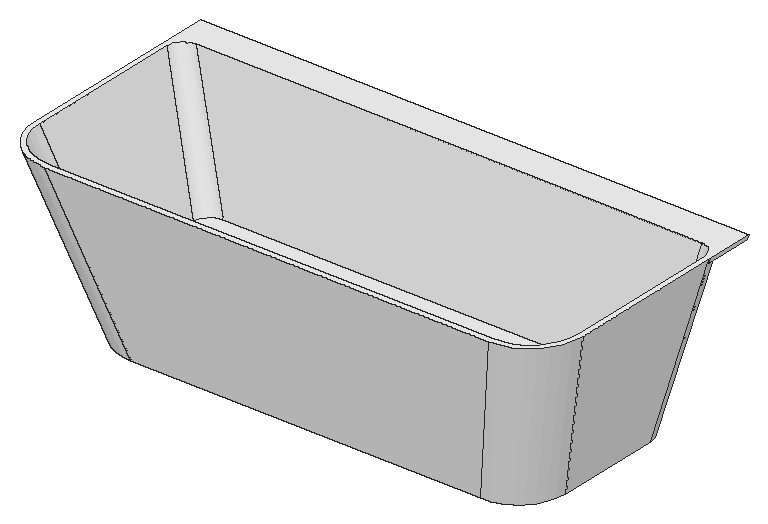
Revit family "PlumFix_Bath_ABEY_Patinato_Grande ClearStone_1690mm_Face Based", category Plumbing Fixtures, host Face, Revit 2016
Family settings
  Host = Face
  Part Type = Normal
  Round Connector Dimension = Use Diameter
  OmniClass Number = 23.45.05.14.21
  OmniClass Title = Bathtubs
  Cut with Voids When Loaded = Yes
  Shared = No
  Room Calculation Point = No
Parameters (values of type "1690w x 800d x 550h")
  Waste Connection = yes
  Vent Connection = no
  URL = "https://www.abey.com.au/"
  Type Comments = "1690w"
  ModifiedIssue_ANZRS = 20190823
  Model = "22829"
  Manufacturer_URL__Product Specific = "https://www.abey.com.au/product/bathroom/patinato-grande-1690-clearstone-bath/"
  Manufacturer_Spec Code = Model  # "22829"
  Manufacturer_Overall Width = 1690 mm  # constant formula
  Manufacturer_Overall Height = 550 mm  # constant formula
  Manufacturer_Overall Depth = 800 mm  # constant formula
  Manufacturer = "Abey Australia"  # constant formula
  Keynote = ""
  HW Connection = no
  Description = "Patinato - Grande 1690mm ClearStone Bath - White Stone"
  Default Elevation = 0 mm
  CreatedBy_ANZRS = "IGS BIM Solutions"  # constant formula
  CreatedByURL_ANZRS = "https://igsgroup.com.au"
  CW Connection = no
  BodyMaterial = z_Abey_White Stone
  Assembly Code = "0.00"
Reference planes
  plane 1 "Center (Front/Back)": y = -40
  plane 2 "Bottom": z = 0
  plane 3 "Center (Left/Right)": x = 40.57
  plane 4 "Front": y = -440
  plane 5 "Left": x = -804.43
  plane 6 "Right": x = 885.57
  plane 7 "Top": z = 550
  plane 8 "Bottom1": z = -64
  plane 9 "Back": y = 360
  plane 10 "Center (Elevation)": z = 275
Text (mm)
  text "Disclaimer:\n\nDue to ongoing product development and manufacturing evolution, product details are subject to change without notice.\n\nPlease refer to product technical data sheets on the manufacturer's website for the most current product information. Please allow a +/- 5mm manufacturing tolerance for dimensions and set-outs shown in product literature." at (1088.866, 252.072, 0), in view "Ref. Level_Instruction"
Dimensions and locks
  "Manufacturer_Overall Height": plane 7 "Top" to plane 2 "Bottom"
  equal spacing: plane 5 "Left", plane 3 "Center (Left/Right)", plane 6 "Right"
  "Manufacturer_Overall Width": plane 5 "Left" to plane 6 "Right"
  locked: plane 2 "Bottom" to plane 8 "Bottom1" at 64
  equal spacing: plane 4 "Front", plane 1 "Center (Front/Back)", plane 9 "Back"
  "Manufacturer_Overall Depth": plane 4 "Front" to plane 9 "Back"
  equal spacing: plane 7 "Top", plane 10 "Center (Elevation)", plane 2 "Bottom"
  aligned and locked: plane 2 "Bottom" to host face
  aligned and locked: level to host face
  aligned and locked: nested 1 to plane 1 "Center (Front/Back)"
  aligned and locked: plane 3 "Center (Left/Right)" to nested 1
Automatic sketch dimensions
  host sketch curve to host sketch curve = 1690 mm
  host sketch curve to host sketch curve = 800 mm
Nested families
  nested 1: "z_PlumFix_Bath_ABEY_Patinato_Grande ClearStone_1690mm" at (-57.451, 425.75, 0), type "22829"
Connectors
  piping at (40.57, -40, 40.092), diameter 50
    settings: on nested 1, index 1, connector inside diameter 24", connector length 0 mm, flow factor 0, pipe flow 0.00 L/s, pressure drop 0 kPa, fitting loss kfactor 0, connector angle 0.00°, fixture units 0, engagement length 0 mm, angle of deflection 0.00°, flow configuration 2, flow direction 2, fitting loss method 4, system type 16, joint type 0, gender type 0, connector reference index -1, connector utility 0, adjustable connector no, is connector primary yes, connector description "Waste Drain"
Definition of nested family "z_PlumFix_Bath_ABEY_Patinato_Grande ClearStone_1690mm"
  Parameters (values of type "Type 1")
    Waste Connection = yes
    WFU = 0
    Vent Connection = no
    URL = ""
    Type Comments = ""
    ModifiedIssue_ANZRS = 0
    Model = ""
    Manufacturer_URL__Product Specific = ""
    Manufacturer_Spec Code = ""
    Manufacturer_Overall Width = 1690 mm  # constant formula
    Manufacturer_Overall Height = 550 mm  # constant formula
    Manufacturer_Overall Depth = 800 mm  # constant formula
    Manufacturer = ""
    Keynote = ""
    HWFU = 0
    HW Connection = no
    Description = ""
    Default Elevation = 0 mm
    CreatedBy_ANZRS = ""
    CreatedByURL_ANZRS = ""
    Cost = 0
    CWFU = 0
    CW Connection = no
    BodyMaterial = none
    Assembly Code = ""
  Reference planes
    plane 1 "Ref. Level": z = 0
    plane 2 "Center (Left/Right)": x = 98.02
    plane 3 "Back": y = -65.75
    plane 4 "Left": x = -746.98
    plane 5 "Front": y = -865.75
    plane 6 "Right": x = 943.02
    plane 7 "Top": z = 550
    plane 8 "Center (Elevation)": z = 275
    plane 9 "Bottom": z = 0
    plane 10 "Center (Front/Back)": y = -465.75
  Forms (mm)
    Blend 1, solid, material <- "BodyMaterial"
      base sketch origin (0, 0, 550) x (-1, 0, 0) y (0, -1, 0)
        loop
          arc (681.98, 150.75) -> (727.942, 169.788) -> (746.98, 215.75) r 65
          line (746.98, 215.75) -> (746.98, 705.75)
          arc (746.98, 705.75) -> (700.117, 818.887) -> (586.98, 865.75) r 160
          line (586.98, 865.75) -> (-783.02, 865.75)
          arc (-783.02, 865.75) -> (-896.157, 818.887) -> (-943.02, 705.75) r 160
          line (-943.02, 705.75) -> (-943.02, 215.75)
          arc (-943.02, 215.75) -> (-923.982, 169.788) -> (-878.02, 150.75) r 65
          line (-878.02, 150.75) -> (681.98, 150.75)
      top sketch origin (0, 0, 550) x (-1, 0, 0) y (0, -1, 0)
        loop
          arc (536.98, 191.75) -> (572.335, 206.395) -> (586.98, 241.75) r 50
          line (586.98, 241.75) -> (586.98, 570.75)
          arc (586.98, 570.75) -> (544.51, 673.28) -> (441.98, 715.75) r 145
          line (441.98, 715.75) -> (-638.02, 715.75)
          arc (-638.02, 715.75) -> (-740.551, 673.28) -> (-783.02, 570.75) r 145
          line (-783.02, 570.75) -> (-783.02, 241.75)
          arc (-783.02, 241.75) -> (-768.375, 206.395) -> (-733.02, 191.75) r 50
          line (-733.02, 191.75) -> (536.98, 191.75)
      from 0 to -550
    Blend 2, void
      base sketch origin (0, 0, 550) x (-1, 0, 0) y (0, -1, 0)
        loop
          line (-878.02, 165.75) -> (681.98, 165.75)
          arc (681.98, 165.75) -> (717.335, 180.395) -> (731.98, 215.75) r 50
          line (731.98, 215.75) -> (731.98, 705.75)
          arc (731.98, 705.75) -> (689.51, 808.28) -> (586.98, 850.75) r 145
          line (586.98, 850.75) -> (-783.02, 850.75)
          arc (-783.02, 850.75) -> (-885.551, 808.28) -> (-928.02, 705.75) r 145
          line (-928.02, 705.75) -> (-928.02, 215.75)
          arc (-928.02, 215.75) -> (-913.375, 180.395) -> (-878.02, 165.75) r 50
      top sketch origin (0, 0, 550) x (-1, 0, 0) y (0, -1, 0)
        loop
          arc (569.553, 200.75) -> (606.271, 215.959) -> (621.48, 252.677) r 51.927
          line (621.48, 252.677) -> (621.48, 589.162)
          arc (621.48, 589.162) -> (577.374, 695.644) -> (470.892, 739.75) r 150.588
          line (470.892, 739.75) -> (-666.932, 739.75)
          arc (-666.932, 739.75) -> (-773.414, 695.644) -> (-817.52, 589.162) r 150.588
          line (-817.52, 589.162) -> (-817.52, 252.677)
          arc (-817.52, 252.677) -> (-802.311, 215.959) -> (-765.593, 200.75) r 51.927
          line (-765.593, 200.75) -> (569.553, 200.75)
      from 0 to -430
    Extrusion 3, solid, material <- "BodyMaterial"
      sketch origin (0, 0, 550) x (-1, 0, 0) y (0, -1, 0)
        loop
          line (681.98, 165.75) -> (-878.02, 165.75)
          arc (-878.02, 165.75) -> (-913.375, 180.395) -> (-928.02, 215.75) r 50
          line (-928.02, 215.75) -> (-943.02, 215.75) -> (-943.02, 65.75) -> (746.98, 65.75) -> (746.98, 215.75) -> (731.98, 215.75)
          arc (731.98, 215.75) -> (717.335, 180.395) -> (681.98, 165.75) r 50
      from 0 to -15
    Extrusion 4, void
      sketch origin (0, -865.75, 0) x (-1, 0, 0) y (0, 0, -1)
        loop
          line (-943.02, -550) -> (-938.652, -535) -> (-945.568, -535) -> (-945.568, -550) -> (-943.02, -550)
      from -625.626 to -820.849
    Extrusion 5, void
      sketch origin (196.04, -865.75, 0) x (1, 0, 0) y (0, 0, 1)
        loop
          line (-943.02, 550) -> (-945.568, 550) -> (-945.568, 535) -> (-938.652, 535) -> (-943.02, 550)
      from -625.626 to -820.849
    Blend 6, void
      base sketch origin (0, 0, 550) x (-1, 0, 0) y (0, -1, 0)
        loop
          arc (551.98, 200.75) -> (587.335, 215.395) -> (601.98, 250.75) r 50
          line (601.98, 250.75) -> (601.98, 579.75)
          arc (601.98, 579.75) -> (559.51, 682.28) -> (456.98, 724.75) r 145
          line (456.98, 724.75) -> (-651.02, 724.75)
          arc (-651.02, 724.75) -> (-754.965, 681.695) -> (-798.02, 577.75) r 147
          line (-798.02, 577.75) -> (-798.02, 252.75)
          arc (-798.02, 252.75) -> (-782.79, 215.98) -> (-746.02, 200.75) r 52
          line (-746.02, 200.75) -> (551.98, 200.75)
      top sketch origin (0, 0, 550) x (-1, 0, 0) y (0, -1, 0)
        loop
          arc (522.217, 206.75) -> (555.637, 220.593) -> (569.48, 254.013) r 47.263
          line (569.48, 254.013) -> (569.48, 565.002)
          arc (569.48, 565.002) -> (529.335, 661.919) -> (432.418, 702.064) r 137.062
          line (432.418, 702.064) -> (-628.458, 702.064)
          arc (-628.458, 702.064) -> (-725.375, 661.919) -> (-765.52, 565.002) r 137.062
          line (-765.52, 565.002) -> (-765.52, 254.013)
          arc (-765.52, 254.013) -> (-751.677, 220.593) -> (-718.257, 206.75) r 47.263
          line (-718.257, 206.75) -> (522.217, 206.75)
      from -450 to -550
    Revolve 7, void
      sketch origin (-25.068, -465.75, 4000) x (-1, 0, 0) y (0, 0, 1)
        loop
          line (-123.088, -4000) -> (-123.088, -3863.436) -> (-177.966, -3863.436) -> (-167.895, -3894.579)
          arc (-167.895, -3894.579) -> (-167.562, -3894.913) -> (-167.106, -3895.035) r 0.912
          line (-167.106, -3895.035) -> (-148.677, -3895.035)
          arc (-148.677, -3895.035) -> (-148.261, -3895.207) -> (-148.088, -3895.624) r 0.589
          line (-148.088, -3895.624) -> (-148.088, -4000) -> (-123.088, -4000)
        axis (-123.088, -4000) -> (-123.088, -3863.436)
      angle from 0 to 360
    Revolve 8, solid, material <- "BodyMaterial"
      sketch origin (-25.068, -465.75, 4000) x (-1, 0, 0) y (0, 0, 1)
        loop
          line (-148.088, -3900) -> (-166.142, -3900) -> (-163.879, -3907) -> (-148.088, -3907) -> (-148.088, -3900)
        axis (-123.088, -3900) -> (-123.088, -3907)
      angle from 0 to 360
  Cuts and joins
    Blend 2, Blend 6, Revolve 7 cuts Blend 1
    Extrusion 4, Extrusion 5, Blend 6, Revolve 7 cuts Extrusion 3
    joined: Blend 1, Extrusion 3, Revolve 8
  Lines and regions (mm)
    Masking region 1
      outline origin (0, -865.75, 0) x (-1, 0, 0) y (0, 0, 1)
        loop
          line (746.98, 550) -> (-943.02, 550) -> (-783.02, 0) -> (586.98, 0) -> (746.98, 550)
    Masking region 2
      outline origin (943.02, 0, 0) x (0, 1, 0) y (0, 0, 1)
        loop
          line (-865.75, 550) -> (-715.75, 0) -> (-191.75, 0) -> (-151.868, 535) -> (-65.75, 535) -> (-65.75, 550) -> (-865.75, 550)
    Masking region 3
      outline origin (0, 0, 550) x (-1, 0, 0) y (0, -1, 0)
        loop
          line (-943.02, 65.75) -> (746.98, 65.75) -> (746.98, 705.75)
          arc (746.98, 705.75) -> (700.117, 818.887) -> (586.98, 865.75) r 160
          line (586.98, 865.75) -> (-783.02, 865.75)
          arc (-783.02, 865.75) -> (-896.157, 818.887) -> (-943.02, 705.75) r 160
          line (-943.02, 705.75) -> (-943.02, 65.75)
    symbolic lines, detail levels medium+fine
      curve 1: line (-681.98, -165.75, 550) -> (878.02, -165.75, 550)
      curve 2: arc (-731.98, -215.75, 550) -> (-717.335, -180.395, 550) -> (-681.98, -165.75, 550) r 50
      curve 3: line (-731.98, -705.75, 550) -> (-731.98, -215.75, 550)
      curve 4: arc (-586.98, -850.75, 550) -> (-689.51, -808.28, 550) -> (-731.98, -705.75, 550) r 145
      curve 5: line (783.02, -850.75, 550) -> (-586.98, -850.75, 550)
      curve 6: arc (928.02, -705.75, 550) -> (885.551, -808.28, 550) -> (783.02, -850.75, 550) r 145
      curve 7: line (928.02, -215.75, 550) -> (928.02, -705.75, 550)
      curve 16: circle (98.02, -465.75, 550) r 45 normal (0, 0, -1)
      curve 17: arc (878.02, -165.75, 550) -> (913.375, -180.395, 550) -> (928.02, -215.75, 550) r 50
    symbolic lines, detail levels fine
      curve 8: line (765.593, -200.75, 550) -> (-569.553, -200.75, 550)
      curve 9: arc (-569.553, -200.75, 550) -> (-606.271, -215.959, 550) -> (-621.48, -252.677, 550) r 51.927
      curve 10: line (-621.48, -252.677, 550) -> (-621.48, -589.162, 550)
      curve 11: arc (-621.48, -589.162, 550) -> (-577.374, -695.644, 550) -> (-470.892, -739.75, 550) r 150.588
      curve 12: line (-470.892, -739.75, 550) -> (666.932, -739.75, 550)
      curve 13: arc (666.932, -739.75, 550) -> (773.414, -695.644, 550) -> (817.52, -589.162, 550) r 150.588
      curve 14: line (817.52, -589.162, 550) -> (817.52, -252.677, 550)
      curve 15: arc (817.52, -252.677, 550) -> (802.311, -215.959, 550) -> (765.593, -200.75, 550) r 51.927
      curve 18: circle (98.02, -465.75, 550) r 49.521 normal (0, 0, 1)
  Dimensions and locks
    "Manufacturer_Overall Depth": plane 5 "Front" to plane 3 "Back"
    equal spacing: plane 4 "Left", plane 2 "Center (Left/Right)", plane 6 "Right"
    "Manufacturer_Overall Width": plane 4 "Left" to plane 6 "Right"
    "Manufacturer_Overall Height": plane 7 "Top" to plane 9 "Bottom"
    equal spacing: plane 7 "Top", plane 8 "Center (Elevation)", plane 9 "Bottom"
    equal spacing: plane 5 "Front", plane 10 "Center (Front/Back)", plane 3 "Back"
    aligned and locked: plane 4 "Left" to Blend 1 sketch curve
    aligned and locked: Blend 1 sketch curve to plane 5 "Front"
    aligned and locked: Blend 1 sketch curve to plane 6 "Right"
    aligned and locked: Revolve 7 sketch curve to Revolve 7 sketch curve
    aligned and locked: cut or joined group of Blend 1, Blend 2, Extrusion 3, Extrusion 4, Extrusion 5, Blend 6, Revolve 7, Revolve 8 to Revolve 8 sketch curve
    aligned and locked: Revolve 8 sketch curve to plane 2 "Center (Left/Right)"
    aligned and locked: nested 1 to cut or joined group of Blend 1, Blend 2, Extrusion 3, Extrusion 4, Extrusion 5, Blend 6, Revolve 7, Revolve 8
  Automatic sketch dimensions
    Blend 1 sketch curve to Blend 1 sketch curve = 65 mm
    Blend 1 sketch curve to Blend 1 sketch curve = 160 mm
    plane 4 "Left" to Blend 1 sketch curve = 160 mm
    plane 4 "Left" to Blend 1 sketch curve = 65 mm
    plane 3 "Back" to Blend 1 sketch curve = 150 mm
    Blend 1 sketch curve to plane 6 "Right" = 160 mm
    Blend 1 sketch curve to Blend 1 sketch curve = 50 mm
    Blend 1 sketch curve to Blend 1 sketch curve = 145 mm
    Blend 1 sketch curve to plane 5 "Front" = 150 mm
    plane 4 "Left" to Blend 1 sketch curve = 305 mm
    plane 4 "Left" to Blend 1 sketch curve = 210 mm
    Blend 1 sketch curve to plane 10 "Center (Front/Back)" = 105 mm
    plane 3 "Back" to Blend 1 sketch curve = 176 mm
    Blend 2 sketch curve to plane 6 "Right" = 15 mm
    Blend 2 sketch curve to Blend 2 sketch curve = 50 mm
    Blend 2 sketch curve to plane 5 "Front" = 15 mm
    Blend 2 sketch curve to plane 6 "Right" = 160 mm
    plane 4 "Left" to Blend 2 sketch curve = 160 mm
    plane 4 "Left" to Blend 2 sketch curve = 65 mm
    plane 4 "Left" to Blend 2 sketch curve = 15 mm
    plane 3 "Back" to Blend 2 sketch curve = 150 mm
    Blend 2 sketch curve to plane 6 "Right" = 125.5 mm
    Blend 2 sketch curve to Blend 2 sketch curve = 51.927 mm
    Blend 2 sketch curve to Blend 2 sketch curve = 150.588 mm
    Blend 2 sketch curve to plane 5 "Front" = 126 mm
    plane 4 "Left" to Blend 2 sketch curve = 276.088 mm
    plane 4 "Left" to Blend 2 sketch curve = 177.427 mm
    Blend 2 sketch curve to plane 10 "Center (Front/Back)" = 123.412 mm
    plane 3 "Back" to Blend 2 sketch curve = 186.927 mm
    plane 3 "Back" to Extrusion 3 sketch curve = 0 mm
    Extrusion 3 sketch curve to plane 6 "Right" = 0 mm
    Extrusion 3 sketch curve to plane 4 "Left" = 0 mm
    Extrusion 3 sketch curve to Extrusion 3 sketch curve = 15 mm
    Extrusion 3 sketch curve to plane 6 "Right" = 65 mm
    plane 4 "Left" to Extrusion 3 sketch curve = 65 mm
    plane 4 "Left" to Extrusion 3 sketch curve = 15 mm
    plane 3 "Back" to Extrusion 3 sketch curve = 100 mm
    Extrusion 4 sketch curve to plane 7 "Top" = 0 mm
    Extrusion 4 sketch curve to plane 6 "Right" = 0 mm
    Extrusion 4 sketch curve to plane 6 "Right" = 2.547 mm
    plane 6 "Right" to Extrusion 4 sketch curve = 4.368 mm
    Extrusion 4 sketch curve to Extrusion 4 sketch curve = 15 mm
    Extrusion 5 sketch curve to plane 7 "Top" = 0 mm
    Extrusion 5 sketch curve to plane 4 "Left" = 0 mm
    Extrusion 5 sketch curve to plane 4 "Left" = 2.547 mm
    plane 4 "Left" to Extrusion 5 sketch curve = 4.368 mm
    Extrusion 5 sketch curve to Extrusion 5 sketch curve = 15 mm
    Blend 6 sketch curve to plane 6 "Right" = 177.5 mm
    Blend 6 sketch curve to Blend 6 sketch curve = 47.263 mm  (x2)
    Blend 6 sketch curve to Blend 6 sketch curve = 137.062 mm
    Blend 6 sketch curve to plane 5 "Front" = 163.686 mm
    plane 4 "Left" to Blend 6 sketch curve = 314.562 mm
    plane 4 "Left" to Blend 6 sketch curve = 224.763 mm
    plane 3 "Back" to Blend 6 sketch curve = 188.263 mm
    Blend 6 sketch curve to Blend 6 sketch curve = 52 mm
    Blend 6 sketch curve to Blend 6 sketch curve = 147 mm
    Blend 6 sketch curve to plane 5 "Front" = 141 mm
    plane 4 "Left" to Blend 6 sketch curve = 195 mm
    Blend 6 sketch curve to plane 10 "Center (Front/Back)" = 114 mm
    plane 3 "Back" to Blend 6 sketch curve = 185 mm
    plane 4 "Left" to Blend 6 sketch curve = 290 mm
    Blend 6 sketch curve to plane 6 "Right" = 292 mm
    Revolve 7 sketch curve to plane 9 "Bottom" = 0 mm  (x2)
    Revolve 7 sketch curve to plane 2 "Center (Left/Right)" = 0 mm
    plane 2 "Center (Left/Right)" to Revolve 7 sketch curve = 25 mm
    Revolve 7 sketch curve to Revolve 7 sketch curve = 0.589 mm
    Revolve 7 sketch curve to Revolve 7 sketch curve = 18.428 mm
    Revolve 7 sketch curve to Revolve 7 sketch curve = 0.79 mm
    Revolve 7 sketch curve to Revolve 7 sketch curve = 10.86 mm
    Revolve 7 sketch curve to Revolve 7 sketch curve = 104.376 mm
    Revolve 7 sketch curve to Revolve 7 sketch curve = 0.456 mm
    Revolve 7 sketch curve to Revolve 7 sketch curve = 30.687 mm
    Revolve 7 sketch curve to Revolve 7 sketch curve = 0 mm
    plane 2 "Center (Left/Right)" to Revolve 8 sketch curve = 25 mm
    Revolve 8 sketch curve to Revolve 8 sketch curve = 15.79 mm
    Revolve 8 sketch curve to Revolve 8 sketch curve = 2.264 mm
    Revolve 8 sketch curve to Revolve 8 sketch curve = 0 mm
    Revolve 8 sketch curve to Revolve 8 sketch curve = 7 mm  (x2)
    Masking region 1 sketch curve to plane 9 "Bottom" = 0 mm
    Masking region 1 sketch curve to plane 4 "Left" = 0 mm
    plane 7 "Top" to Masking region 1 sketch curve = 0 mm
    plane 4 "Left" to Masking region 1 sketch curve = 160 mm
    Masking region 1 sketch curve to plane 6 "Right" = 160 mm
    plane 6 "Right" to Masking region 1 sketch curve = 0 mm
    Masking region 2 sketch curve to plane 5 "Front" = 0 mm
    Masking region 2 sketch curve to plane 9 "Bottom" = 0 mm
    Masking region 2 sketch curve to plane 3 "Back" = 0 mm
    Masking region 2 sketch curve to plane 7 "Top" = 0 mm
    Masking region 2 sketch curve to plane 5 "Front" = 150 mm
    plane 3 "Back" to Masking region 2 sketch curve = 126 mm
    Masking region 2 sketch curve to plane 7 "Top" = 15 mm
    Masking region 2 sketch curve to Masking region 2 sketch curve = 86.118 mm
    Masking region 3 sketch curve to plane 6 "Right" = 0 mm
    plane 5 "Front" to Masking region 3 sketch curve = 0 mm
    Masking region 3 sketch curve to plane 4 "Left" = 0 mm
    Masking region 3 sketch curve to plane 6 "Right" = 160 mm
    plane 4 "Left" to Masking region 3 sketch curve = 160 mm
    plane 3 "Back" to Masking region 3 sketch curve = 0 mm
    curve 16 to curve 18 = 0 mm  (x2)
    curve 16 to plane 2 "Center (Left/Right)" = 0 mm
    curve 16 to plane 10 "Center (Front/Back)" = 0 mm
    curve 12 to plane 5 "Front" = 126 mm
    curve 12 to plane 6 "Right" = 276.088 mm
    curve 15 to plane 6 "Right" = 177.427 mm
    curve 5 to plane 5 "Front" = 15 mm
    curve 5 to plane 6 "Right" = 160 mm
    curve 14 to curve 6 = 34.5 mm
    curve 17 to plane 6 "Right" = 65 mm
    curve 7 to plane 6 "Right" = 15 mm
    plane 4 "Left" to curve 12 = 276.088 mm
    plane 4 "Left" to curve 8 = 177.427 mm
    curve 11 to curve 4 = 116.088 mm
    curve 9 to curve 10 = 51.927 mm
    plane 4 "Left" to curve 2 = 65 mm
    plane 4 "Left" to curve 3 = 15 mm
    plane 3 "Back" to curve 9 = 186.927 mm
    curve 3 to curve 9 = 36.927 mm
    radius of curve 16 = 45 mm
    radius of curve 18 = 49.521 mm
  Nested families
    nested 1: "z_Waste_50mm" at (102.5, -513.25, 40.092), type "Waste 50mm"
  Definition of nested family "z_Waste_50mm"
    Parameters (values of type "Waste 50mm")
      Waste Connection = yes
      WFU = 0
      Vent Connection = no
      URL = ""
      Type Comments = ""
      ModifiedIssue_ANZRS = 20190802
      Body Material = none
      Model = ""
      Manufacturer_Overall Width = 90 mm  # constant formula
      Manufacturer_Overall Height = 87 mm  # constant formula
      Manufacturer_Overall Depth = 90 mm  # constant formula
      Manufacturer = ""
      Keynote = ""
      HWFU = 0
      HW Connection = no
      CreatedBy_ANZRS = "IGS BIM Solutions"  # constant formula
      CreatedByURL_ANZRS = "http://www.igsgroup.com.au"
      Description = ""
      Cost = 0
      CWFU = 0
      CW Connection = yes
      Assembly Code = ""
    Reference planes
      plane 1 "Center (Front/Back)": y = 47.5
      plane 2 "Ref. Level": z = 0
      plane 3 "Front": y = 2.5
      plane 4 "Back": y = 92.5
      plane 5 "Center (Left/Right)": x = -4.48
      plane 6 "Left": x = -49.48
      plane 7 "Right": x = 40.52
      plane 8 "Bottom": z = 0
      plane 9 "STD Right": x = 20.52
      plane 10 "STD Left": x = -29.48
      plane 11 "Top": z = 87
      plane 12 "Sink Ref": z = 79.908
    Forms (mm)
      Revolve 1, solid, material <- "Body Material"
        sketch origin (0, 47.5, 0) x (1, 0, 0) y (0, 0, 1)
          loop
            arc (40.52, 83.451) -> (18.09, 86.111) -> (-4.48, 87) r 287.1
            line (-4.48, 87) -> (-4.48, 84)
            arc (-4.48, 84) -> (6.027, 83.806) -> (16.52, 83.223) r 284.1
            line (16.52, 83.223) -> (16.52, 0) -> (20.52, 0) -> (20.52, 19.97) -> (19.27, 19.97) -> (19.27, 58.687)
            arc (19.27, 58.687) -> (28.133, 66.383) -> (35.52, 75.504) r 67.144
            line (35.52, 75.504) -> (35.52, 79.471) -> (40.52, 79.908) -> (40.52, 83.451)
          axis (-4.48, 87) -> (-4.48, 0)
        angle from 0 to 360
    Lines and regions (mm)
      symbolic lines, detail levels medium+fine
        curve 1: line (28.535, 2.5, 79.908) -> (-37.495, 2.5, 79.908)
    Text (mm)
      text "Disclaimer:\n\nDue to ongoing product development and manufacturing evolution, product details are subject to change without notice. Please refer to product technical data sheets on the manufacturer’s website for the most current product information. Please allow a +/- 5mm manufacturing tolerance for dimensions and set-outs shown in product literature." at (269.973, 206.593, 0), in view "Ref. Level_Instruction"
    Dimensions and locks
      equal spacing: plane 3 "Front", plane 1 "Center (Front/Back)", plane 4 "Back"
      equal spacing: plane 6 "Left", plane 5 "Center (Left/Right)", plane 7 "Right"
      "Manufacturer_Overall Depth": plane 3 "Front" to plane 4 "Back"
      "Manufacturer_Overall Width": plane 6 "Left" to plane 7 "Right"
      equal spacing: plane 9 "STD Right", plane 5 "Center (Left/Right)", plane 10 "STD Left"
      plane 9 "STD Right" to plane 10 "STD Left" = 50 mm
      "Manufacturer_Overall Height": plane 11 "Top" to plane 8 "Bottom"
      locked: plane 11 "Top" to plane 12 "Sink Ref" at 7.092
    Automatic sketch dimensions
      curve 1 to plane 12 "Sink Ref" = 0 mm
      curve 1 to plane 6 "Left" = 11.985 mm
      curve 1 to plane 7 "Right" = 11.985 mm
      Revolve 1 sketch curve to Revolve 1 sketch curve = 0 mm  (x2)
      plane 5 "Center (Left/Right)" to Revolve 1 sketch curve = 0 mm
      Revolve 1 sketch curve to plane 5 "Center (Left/Right)" = 0 mm
      Revolve 1 sketch curve to level = 0 mm
      Revolve 1 sketch curve to plane 9 "STD Right" = 0 mm
      plane 7 "Right" to Revolve 1 sketch curve = 0 mm
      Revolve 1 sketch curve to plane 12 "Sink Ref" = 0 mm
      Revolve 1 sketch curve to plane 11 "Top" = 0 mm
      plane 10 "STD Left" to Revolve 1 sketch curve = 9.328 mm
      Revolve 1 sketch curve to plane 9 "STD Right" = 4 mm
      Revolve 1 sketch curve to plane 9 "STD Right" = 1.25 mm
      Revolve 1 sketch curve to plane 12 "Sink Ref" = 0.437 mm
      plane 7 "Right" to Revolve 1 sketch curve = 5 mm
      Revolve 1 sketch curve to level = 200.1 mm
      Revolve 1 sketch curve to Revolve 1 sketch curve = 19.97 mm
      Revolve 1 sketch curve to plane 12 "Sink Ref" = 21.221 mm
      Revolve 1 sketch curve to Revolve 1 sketch curve = 3.967 mm
      plane 12 "Sink Ref" to Revolve 1 sketch curve = 3.314 mm
      Revolve 1 sketch curve to level = 23 mm
      Revolve 1 sketch curve to Revolve 1 sketch curve = 10.196 mm
